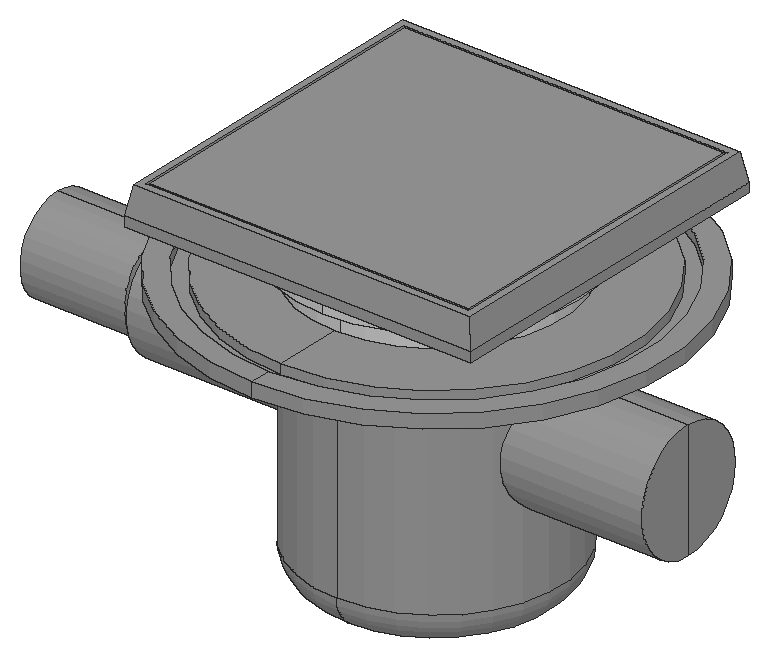
Revit family "HL_Трап для внутренних помещений_HL300G", category Instalační zařizovací předměty, Revit 2016
Family settings
  Typ součásti = Normální
  Kóta kulaté spojky = Použít průměr
  Číslo OmniClass = 23.70.50.21.24.14
  Nadpis OmniClass = Deck Waste Water Drains
  Založené na pracovní rovině = Ne
  Vždy vertikální = Ano
  Ořezat dutým tvarem při načtení = Ne
  Sdílené = Ano
  Bod výpočtu místnosti = Ano
Parameters (values of type "HL300G")
  РЕШЁТКА = "137x137mm / GJL"
  РАЗМЕР = "DN50"
  ПРОПУСКНАЯ СПОСОБНОСТЬ = 0.5 L/s
  ПРОИЗВОДИТЕЛЬНОСТЬ = "0,5 l/sec"
  ПРИЁМНОЕ ОТВЕРСТИЕ = "DN40/50"
  ПРАВОВАЯ ИНФОРМАЦИЯ = "Авторские права(©), права на дизайн или какие либо другие права интелектуальной собственности являются исключительной собственностью компании HL Hutterer & Lechner. Изменению не подлежит. Файл семейства с данными о прозводителе изделия защищен паролем с водяным знаком."  # constant formula
  НОМИНАЛЬНЫЙ ДИАМЕТР ПРИТОКА = 40 mm
  НОМИНАЛЬНЫЙ ДИАМЕТР = 50 mm
  НАСАДКА = "35-75mm / 150x150mm / GJL"
  МАТЕРИАЛ = "PE"
  МАКСИМАЛЬНАЯ НАГРУЗКА КЛАССА = "A/L15 - 1,5 t"
  ВЫСОТА МОНТАЖА = "158 mm"
  ВЕС = "2,5 [kg]"
  Připojení ventilace = no
  Výrobce = "HL Hutterer & Lechner GmbH"  # constant formula
  URL = "http://www.hutterer-lechner.com/ru/products/catalog/floor-drains/attachments/HL300g.aspx"
  Připojení odpadu = yes
  IN_test [instance] = 30 mm
  Připojení HW = no
  Popis = "Трапы для внутренних помещений"
  Model = "HL300G"
  Komentáře k typům = "HL300G Трап для внутренних помещений DN50 горизонтальный с дополнительным отверстием DN40/50, 150х150мм/137х137мм чугун"
  Keynote = "HL300G"
  Высота монтажа [instance] = 158 mm
  EAN = "9003076000531"
  Připojení CW = no
  C [instance] = if(НОМИНАЛЬНЫЙ ДИАМЕТР ПРИТОКА = 40 mm, 164 mm, 114 mm)  # 164 mm
  B [instance] = Высота монтажа - 71.3 mm  # 86.7 mm
  A [instance] = if(B - 100 mm > 15 mm, B - 100 mm, 15 mm)  # 15 mm
Reference planes
  plane 1 "Center (Front/Back)": y = 0
  plane 2: z = 0
  plane 3 "Center (Left/Right)": x = 0
  plane 4 "Ball Joint Vertical": x = 25.45
  plane 5: z = -158
  plane 6: z = -86.7
  plane 7: z = -200
Lines and regions (mm)
  model lines, style "InvisibleLines"
    curve 1: line (0, 0, 0) -> (0, 0, 1000)
  reference lines
    curve 2: line (0, 0, -86.7) -> (109, 0, -86.7)
    curve 22: line (0, 0, -86.7) -> (-164, 0, -86.7)
  model lines, detail levels coarse+medium
    curve 3: line (0, 0, -86.7) -> (0, 0, -71.7)
    curve 4: line (0, 0, -71.7) -> (71.7, 0, 0)
    curve 5: line (0, 0, -71.7) -> (-71.7, 0, 0)
    curve 24: line (-164, 0, -86.7) -> (109, 0, -86.7)
  symbolic lines, detail levels coarse+medium
    curve 6: line (-75, 75, 0) -> (75, 75, 0)
    curve 7: line (-75, -75, 0) -> (-75, 75, 0)
    curve 8: line (75, -75, 0) -> (-75, -75, 0)
    curve 9: line (75, 75, 0) -> (75, -75, 0)
    curve 10: line (75, 75, 0) -> (145.711, 145.711, 0)
    curve 11: line (75, -75, 0) -> (145.711, -145.711, 0)
    curve 12: line (-75, 75, 0) -> (-145.711, 145.711, 0)
    curve 13: line (-75, -75, 0) -> (-145.711, -145.711, 0)
  symbolic lines, not visible, detail levels coarse+medium
    curve 14: line (-75, 75, 0) -> (75, 75, 0)
    curve 15: line (-75, -75, 0) -> (-75, 75, 0)
    curve 16: line (75, -75, 0) -> (-75, -75, 0)
    curve 17: line (75, 75, 0) -> (75, -75, 0)
    curve 18: line (75, 75, 0) -> (145.711, 145.711, 0)
    curve 19: line (75, -75, 0) -> (145.711, -145.711, 0)
    curve 20: line (-75, 75, 0) -> (-145.711, 145.711, 0)
    curve 21: line (-75, -75, 0) -> (-145.711, -145.711, 0)
  symbolic lines, style "InvisibleLines", not visible
    curve 23: line (0, 0, 0) -> (0, 0, -30)
Text (mm)
  text "ПОЛ" at (-222.604, 0, -7.843), in view "Drain Construction View"
Dimensions and locks
  locked: plane 4 "Ball Joint Vertical" to plane 3 "Center (Left/Right)" at 25.45
  "Высота монтажа": plane 2 to plane 5
  "A": curve 5 to plane 6
  "B": curve 5 to plane 6
  "B": curve 4 to plane 6
  "B": plane 2 to plane 6
  locked: nested 2 to plane 5 at 20.9
  "IN_test": plane 2 to curve 23
  "C": plane 3 "Center (Left/Right)" to curve 22
  locked: curve 22 to curve 24
  curve 2 to curve 24 = 0 mm
  locked: nested 1 to plane 5 at 119
  locked: curve 4 to plane 3 "Center (Left/Right)" (angle 45.00°)
  locked: plane 3 "Center (Left/Right)" to curve 5 (angle 45.00°)
  aligned and locked: level to plane 2
  aligned and locked: plane 2 to curve 1
  aligned and locked: plane 3 "Center (Left/Right)" to curve 1
  aligned and locked: plane 3 "Center (Left/Right)" to curve 2
  aligned and locked: plane 3 "Center (Left/Right)" to curve 3
  aligned and locked: plane 3 "Center (Left/Right)" to curve 5
Automatic sketch dimensions
  level to curve 1 = 1000 mm
  curve 2 to plane 6 = 0 mm
  plane 4 "Ball Joint Vertical" to curve 2 = 83.55 mm
Nested families
  nested 1: "HL_Корпус для трапа внутренних помещений_HL300K" at (0, 0, -39) x (-1, 0, 0) z (0, 0, 1), НОМИНАЛЬНЫЙ ДИАМЕТР ПРИТОКА <- "НОМИНАЛЬНЫЙ ДИАМЕТР ПРИТОКА", type "HL300K_Main Component"
    with НОМИНАЛЬНЫЙ ДИАМЕТР ПРИТОКА 40 mm, A 0 mm
  nested 2: "HL_Вкладыш сифона_HL0300.6E" at (0, 0, -47.1) x (0, 1, 0) z (0, 0, 1), type "HL0300.6E_Main Component"
  nested 3: "HL_Решётка_HL037G.1E" at (0, 0, 0), type "HL037G.1E_Main Component"
  nested 4: "HL_Насадная деталь_HL037G.2E" at (0, 0, 0), type "HL037G.2E_Main Component"
    with Высота монтажа 30 mm, RN 2, RL 13 mm, R no, NL_Test yes, NL 50 mm
Connectors
  piping at (109, 0, -86.7), diameter 50, driven by "ПРОПУСКНАЯ СПОСОБНОСТЬ", driven by "НОМИНАЛЬНЫЙ ДИАМЕТР"
    settings: on curve 2, index 1, connector inside diameter 609.6 mm, connector length 0 mm, flow factor 0, pipe flow 0.5 L/s, pressure drop 0.0 Pa, fitting loss kfactor 0, connector angle 0.00°, fixture units 0, engagement length 0 mm, angle of deflection 0.00°, flow configuration 1, flow direction 2, fitting loss method 0, system type 16, joint type 0, gender type 0, connector reference index 2, connector utility 0, adjustable connector yes, is connector primary yes, connector description ""
  piping at (-164, 0, -86.7), diameter 40, driven by "ПРОПУСКНАЯ СПОСОБНОСТЬ", driven by "НОМИНАЛЬНЫЙ ДИАМЕТР ПРИТОКА"
    settings: on curve 22, index 2, connector inside diameter 609.6 mm, connector length 0 mm, flow factor 1, pipe flow 0.5 L/s, pressure drop 0.0 Pa, fitting loss kfactor 0, connector angle 0.00°, fixture units 0, engagement length 0 mm, angle of deflection 0.00°, flow configuration 2, flow direction 1, fitting loss method 0, system type 16, joint type 0, gender type 0, connector reference index 1, connector utility 0, adjustable connector yes, is connector primary no, connector description ""
Definition of nested family "HL_Корпус для трапа внутренних помещений_HL300K"
  Parameters (values of type "HL300K")
    РАЗМЕР = "DN50"
    ПРИЁМНОЕ ОТВЕРСТИЕ = "DN40/50"
    ПРАВОВАЯ ИНФОРМАЦИЯ = "Авторские права(©), права на дизайн или какие либо другие права интелектуальной собственности являются исключительной собственностью компании HL Hutterer & Lechner. Изменению не подлежит. Файл семейства с данными о прозводителе изделия защищен паролем с водяным знаком."  # constant formula
    НОМИНАЛЬНЫЙ ДИАМЕТР ПРИТОКА [instance] = 40 mm
    МАТЕРИАЛ = "PE"
    ВЫСОТА МОНТАЖА = "123 mm"
    ВЕС = "0,463 [kg]"
    Waste Connection = yes
    Vent Connection = no
    Manufacturer = "HL Hutterer & Lechner GmbH"  # constant formula
    URL = "http://www.hutterer-lechner.com/ru/products/catalog/floor-drains/attachments/HL300k.aspx"
    HW Connection = no
    Description = "Трапы для внутренних помещений - Комплектующие"
    Model = "HL300K"
    Type Comments = "HL300K Корпус трапа для внутренних помещений DN50 горизонтальный с отверстием DN40/50."
    Keynote = "HL300K"
    EAN = "9003076001675"
    CW Connection = no
    A [instance] = if(НОМИНАЛЬНЫЙ ДИАМЕТР ПРИТОКА = 40 mm, 0 mm, if(НОМИНАЛЬНЫЙ ДИАМЕТР ПРИТОКА = 50 mm, 50 mm, -10 mm))  # 0 mm
  Reference planes
    plane 1 "Center (Front/Back)": y = 0
    plane 2: z = 0
    plane 3 "Center (Left/Right)": x = 0
    plane 4 "Ball Joint Vertical": x = 25.45
  Forms (mm)
    Revolve 1, solid, detail levels fine
      sketch origin (0, 0, 0) x (0, 1, 0) y (0, 0, 1)
        loop
          line (100, -6) -> (100, 0) -> (90.5, 0) -> (90.5, -4) -> (84, -4) -> (84, 0) -> (55, 0) -> (55, -14.411) -> (41, -14.411) -> (41, -10.836) -> (39, -10.836) -> (39, -22.336) -> (34.5, -22.336) -> (34.5, -24.336) -> (42, -24.336) -> (42, -21.276) -> (50.5, -21.276) -> (51.5, -20.276) -> (51.5, -16.776) -> (56.5, -16.776)
          arc (56.5, -16.776) -> (57.207, -16.483) -> (57.5, -15.776) r 1
          line (57.5, -15.776) -> (58.208, -6) -> (58.208, -18.488) -> (60.5, -18.488) -> (60.5, -21.988) -> (51.804, -21.988) -> (51, -24.988) -> (51, -103.988)
          arc (51, -103.988) -> (47.485, -112.473) -> (39, -115.988) r 12
          line (39, -115.988) -> (0, -115.988) -> (0, -118.988) -> (39, -118.988)
          arc (39, -118.988) -> (49.607, -114.595) -> (54, -103.988) r 15
          line (54, -103.988) -> (54, -25.988) -> (63.5, -25.988) -> (63.5, -6) -> (100, -6)
        axis (0, 0) -> (0, -118.988)
      angle from 0 to 360
    Revolve 2, solid, detail levels fine
      sketch origin (0, 0, 0) x (1, 0, 0) y (0, 0, 1)
        loop
          line (42.757, -72.853) -> (114, -72.853) -> (118.865, -67.988) -> (164, -67.988) -> (164, -47.673) -> (42.757, -47.673) -> (42.757, -72.853)
        axis (164, -47.673) -> (42.757, -47.673)
      angle from 0 to 360
    Revolve 3, solid, detail levels fine
      sketch origin (0, 0, 0) x (1, 0, 0) y (0, 0, 1)
        loop
          line (-109, -47.595) -> (-109, -72.988) -> (-39, -72.988) -> (-39, -47.595) -> (-109, -47.595)
        axis (-109, -47.595) -> (-39, -47.595)
      angle from 0 to 360
    Revolve 4, void
      sketch origin (0, 0, -150) x (1, 0, 0) y (0, 0, 1)
        loop
          line (51, 125.012) -> (51.804, 128.012) -> (42.357, 128.012) -> (42.357, 125.344) -> (0, 125.344) -> (0, 45.344) -> (51, 45.344) -> (51, 125.012)
        axis (0, 45.344) -> (0, 128.012)
      angle from 0 to 360
    Extrusion 5, void
      sketch origin (164, 0, -47.673) x (0, 0, 1) y (0, 1, 0)
        loop
          line (29.185, 37.24) -> (-30.815, 37.24) -> (-30.815, -37.76) -> (29.185, -37.76) -> (29.185, 37.24)
      from -10 to 0 <- "A"
  Cuts and joins
    Revolve 4, Extrusion 5 cuts Revolve 2
    joined: Revolve 1, Revolve 2
    Revolve 4 cuts Revolve 3
  Text (mm)
    text "ROOF/FLOOR" at (-213.15, 0, -13.934), in view "Drain Construction View"
  Dimensions and locks
    locked: plane 4 "Ball Joint Vertical" to plane 3 "Center (Left/Right)" at 25.45
    aligned and locked: level to plane 2
    aligned and locked: Revolve 3 sketch curve to Revolve 3 sketch curve
Definition of nested family "HL_Вкладыш сифона_HL0300.6E"
  Parameters (values of type "HL0300.6E")
    ПРАВОВАЯ ИНФОРМАЦИЯ = "Авторские права(©), права на дизайн или какие либо другие права интелектуальной собственности являются исключительной собственностью компании HL Hutterer & Lechner. Изменению не подлежит. Файл семейства с данными о прозводителе изделия защищен паролем с водяным знаком."  # constant formula
    ВЕС = "0,06 [kg]"
    Waste Connection = no
    Vent Connection = no
    Manufacturer = "HL Hutterer & Lechner GmbH"  # constant formula
    URL = "http://www.hutterer-lechner.com/ru/products/catalog/floor-drains/attachments/HL0300.6e.aspx"
    HW Connection = no
    Description = "Трапы для внутренних помещений - Комплектующие"
    Model = "HL0300.6E"
    Type Comments = "HL0300.6E Вкладыш запахозапирающий комплектный"
    Keynote = "HL0300.6E"
    EAN = "9003076001224"
    CW Connection = no
  Reference planes
    plane 1 "Center (Front/Back)": y = 0
    plane 2: z = 0
    plane 3 "Center (Left/Right)": x = 0
    plane 4 "Ball Joint Vertical": x = 25.45
  Forms (mm)
    Revolve 1, solid, detail levels fine
      sketch origin (0, 0, 0) x (0, 1, 0) y (0, 0, 1)
        loop
          line (34.779, -11) -> (32.485, -11) -> (32.485, -90) -> (34.779, -90) -> (34.779, -11)
        axis (0, -11) -> (0, -90)
      angle from 0 to 360
    Revolve 2, solid, detail levels fine
      sketch origin (0, 0, 0) x (0, 1, 0) y (0, 0, 1)
        loop
          line (38.4, 0) -> (22.7, -0.841) -> (22.7, -3.345) -> (34, -2.729) -> (34, -7) -> (32.485, -7) -> (32.485, -11) -> (38.4, -11) -> (38.4, 0)
        axis (0, 0) -> (0, -11)
      angle from 0 to 360
    Revolve 3, solid, detail levels fine
      sketch origin (0, 0, 0) x (0, 1, 0) y (0, 0, 1)
        loop
          line (22.9, -67) -> (24.48, -67) -> (24.48, -45.01)
          arc (24.48, -45.01) -> (17.215, -28.215) -> (0, -22.01) r 23.045
          line (0, -22.01) -> (0, -23.606)
          arc (0, -23.606) -> (16.161, -29.985) -> (22.9, -46) r 22.4
          line (22.9, -46) -> (22.9, -67)
        axis (0, -22.01) -> (0, -67)
      angle from 0 to 360
    Extrusion 4, solid, detail levels fine
      sketch origin (0, 0, 0) x (1, 0, 0) y (0, 1, 0)
        loop
          line (29.77, 13) -> (-29.77, 13)
          arc (-29.77, 13) -> (-32.485, 0) -> (-29.77, -13) r 32.485
          line (-29.77, -13) -> (29.77, -13)
          arc (29.77, -13) -> (32.485, 0) -> (29.77, 13) r 32.485
      from -86 to -90
    Extrusion 5, solid, detail levels fine
      sketch origin (0, 0, 0) x (1, 0, 0) y (0, 1, 0)
        loop
          line (-29, 11) -> (29, 11) -> (29, 13) -> (-29, 13) -> (-29, 11)
        loop
          line (-29, -11) -> (-29, -13) -> (29, -13) -> (29, -11) -> (-29, -11)
      from -90 to -94
  Cuts and joins
    joined: Revolve 1, Extrusion 4, Extrusion 5
  Text (mm)
    text "ROOF/FLOOR" at (-198.233, 0, -26.556), in view "Drain Construction View"
  Dimensions and locks
    locked: plane 4 "Ball Joint Vertical" to plane 3 "Center (Left/Right)" at 25.45
    aligned and locked: level to plane 2
Definition of nested family "HL_Решётка_HL037G.1E"
  Parameters (values of type "HL037G.1E")
    РАЗМЕР = "137x137mm"
    ПРАВОВАЯ ИНФОРМАЦИЯ = "Авторские права(©), права на дизайн или какие либо другие права интелектуальной собственности являются исключительной собственностью компании HL Hutterer & Lechner. Изменению не подлежит. Файл семейства с данными о прозводителе изделия защищен паролем с водяным знаком."  # constant formula
    МАТЕРИАЛ = "Gusseisen"
    МАКСИМАЛЬНАЯ НАГРУЗКА КЛАССА = "A/L15 - 1,5 t"
    ВЕС = "0,91 [kg]"
    Waste Connection = yes
    Vent Connection = no
    Manufacturer = "HL Hutterer & Lechner GmbH"  # constant formula
    URL = "http://www.hutterer-lechner.com/ru/Products/catalog/floor-drains/attachments/HL037G.1E.aspx"
    HW Connection = no
    Description = "Трапы для внутренних помещений - Комплектующие"
    Model = "HL037G.1E"
    Type Comments = "HL037G.1E Чугунные решетки для сливных отверстий 137х137мм"
    Keynote = "HL037G.1E"
    EAN = "9003076009046"
    CW Connection = no
  Reference planes
    plane 1 "Center (Front/Back)": y = 0
    plane 2: z = 0
    plane 3 "Center (Left/Right)": x = 0
    plane 4 "Ball Joint Vertical": x = 25.45
  Forms (mm)
    Extrusion 1, solid, detail levels fine
      sketch origin (0, 0, 0) x (1, 0, 0) y (0, 1, 0)
        loop
          line (-69, 69) -> (-69, -69) -> (69, -69) -> (69, 69) -> (-69, 69)
      from 0 to -8
  Lines and regions (mm)
    model lines, detail levels fine
      curve 1: line (-8.15, 4.25, 0) -> (-8.15, -4.25, 0)
      curve 2: line (-6.4, 1.625, 0) -> (-6.4, 4.25, 0)
      curve 3: line (-2.65, 0.875, 0) -> (-5.65, 0.875, 0)
      curve 4: line (-5.65, -0.875, 0) -> (-2.65, -0.875, 0)
      curve 5: line (-6.4, -4.25, 0) -> (-6.4, -1.625, 0)
      curve 6: line (-0.15, -4.25, 0) -> (-0.15, 4.25, 0)
      curve 7: line (1.65, 4.25, 0) -> (1.65, -4.25, 0)
      curve 8: line (3.4, -2.5, 0) -> (3.4, 4.25, 0)
      curve 9: line (7.4, -3.25, 0) -> (4.15, -3.25, 0)
      curve 10: line (2.4, -5, 0) -> (7.4, -5, 0)
      curve 11: arc (-8.15, -4.25, 0) -> (-7.275, -5.125, 0) -> (-6.4, -4.25, 0) r 0.875
      curve 12: arc (-8.15, 4.25, 0) -> (-7.275, 5.125, 0) -> (-6.4, 4.25, 0) r 0.875
      curve 13: arc (-6.4, 1.625, 0) -> (-6.18, 1.095, 0) -> (-5.65, 0.875, 0) r 0.75
      curve 14: arc (-5.65, -0.875, 0) -> (-6.18, -1.095, 0) -> (-6.4, -1.625, 0) r 0.75
      curve 15: arc (-2.65, -0.875, 0) -> (-2.12, -1.095, 0) -> (-1.9, -1.625, 0) r 0.75
      curve 16: arc (-2.65, 0.875, 0) -> (-2.12, 1.095, 0) -> (-1.9, 1.625, 0) r 0.75
      curve 17: arc (-1.9, 4.25, 0) -> (-1.025, 5.125, 0) -> (-0.15, 4.25, 0) r 0.875
      curve 18: arc (1.65, 4.25, 0) -> (2.525, 5.125, 0) -> (3.4, 4.25, 0) r 0.875
      curve 19: arc (7.4, -3.25, 0) -> (8.275, -4.125, 0) -> (7.4, -5, 0) r 0.875
      curve 20: arc (4.15, -3.25, 0) -> (3.62, -3.03, 0) -> (3.4, -2.5, 0) r 0.75
      curve 21: arc (1.65, -4.25, 0) -> (1.87, -4.78, 0) -> (2.4, -5, 0) r 0.75
      curve 22: arc (-1.9, -4.25, 0) -> (-1.025, -5.125, 0) -> (-0.15, -4.25, 0) r 0.875
      curve 23: line (-1.9, -1.625, 0) -> (-1.9, -4.25, 0)
      curve 24: line (-1.9, 1.625, 0) -> (-1.9, 4.25, 0)
      curve 25: line (-10.607, 16.263, 0) -> (-28.989, 34.646, 0)
      curve 26: line (-34.646, 28.989, 0) -> (-16.263, 10.607, 0)
      curve 27: line (-21.211, 38.181, 0) -> (-12.021, 28.991, 0)
      curve 28: line (-6.364, 34.648, 0) -> (-15.554, 43.838, 0)
      curve 29: line (-28.991, 12.021, 0) -> (-38.181, 21.211, 0)
      curve 30: line (-43.838, 15.554, 0) -> (-34.648, 6.364, 0)
      curve 31: arc (-43.838, 15.554, 0) -> (-43.838, 21.211, 0) -> (-38.181, 21.211, 0) r 4
      curve 32: arc (-28.991, 12.021, 0) -> (-28.991, 6.364, 0) -> (-34.648, 6.364, 0) r 4
      curve 33: arc (-34.646, 28.989, 0) -> (-34.646, 34.646, 0) -> (-28.989, 34.646, 0) r 4
      curve 34: arc (-16.263, 10.607, 0) -> (-10.607, 10.607, 0) -> (-10.607, 16.263, 0) r 4
      curve 35: arc (-12.021, 28.991, 0) -> (-6.364, 28.991, 0) -> (-6.364, 34.648, 0) r 4
      curve 36: arc (-21.211, 38.181, 0) -> (-21.211, 43.838, 0) -> (-15.554, 43.838, 0) r 4
      curve 37: line (16.263, 10.607, 0) -> (34.646, 28.989, 0)
      curve 38: line (28.989, 34.646, 0) -> (10.607, 16.263, 0)
      curve 39: line (38.181, 21.211, 0) -> (28.991, 12.021, 0)
      curve 40: line (34.648, 6.364, 0) -> (43.838, 15.554, 0)
      curve 41: line (12.021, 28.991, 0) -> (21.211, 38.181, 0)
      curve 42: line (15.554, 43.838, 0) -> (6.364, 34.648, 0)
      curve 43: arc (15.554, 43.838, 0) -> (21.211, 43.838, 0) -> (21.211, 38.181, 0) r 4
      curve 44: arc (12.021, 28.991, 0) -> (6.364, 28.991, 0) -> (6.364, 34.648, 0) r 4
      curve 45: arc (28.989, 34.646, 0) -> (34.646, 34.646, 0) -> (34.646, 28.989, 0) r 4
      curve 46: arc (10.607, 16.263, 0) -> (10.607, 10.607, 0) -> (16.263, 10.607, 0) r 4
      curve 47: arc (28.991, 12.021, 0) -> (28.991, 6.364, 0) -> (34.648, 6.364, 0) r 4
      curve 48: arc (38.181, 21.211, 0) -> (43.838, 21.211, 0) -> (43.838, 15.554, 0) r 4
      curve 49: line (-10.607, -16.263, 0) -> (-28.989, -34.646, 0)
      curve 50: line (-34.646, -28.989, 0) -> (-16.263, -10.607, 0)
      curve 51: line (-21.211, -38.181, 0) -> (-12.021, -28.991, 0)
      curve 52: line (-6.364, -34.648, 0) -> (-15.554, -43.838, 0)
      curve 53: line (-28.991, -12.021, 0) -> (-38.181, -21.211, 0)
      curve 54: line (-43.838, -15.554, 0) -> (-34.648, -6.364, 0)
      curve 55: arc (-43.838, -15.554, 0) -> (-43.838, -21.211, 0) -> (-38.181, -21.211, 0) r 4
      curve 56: arc (-28.991, -12.021, 0) -> (-28.991, -6.364, 0) -> (-34.648, -6.364, 0) r 4
      curve 57: arc (-34.646, -28.989, 0) -> (-34.646, -34.646, 0) -> (-28.989, -34.646, 0) r 4
      curve 58: arc (-16.263, -10.607, 0) -> (-10.607, -10.607, 0) -> (-10.607, -16.263, 0) r 4
      curve 59: arc (-12.021, -28.991, 0) -> (-6.364, -28.991, 0) -> (-6.364, -34.648, 0) r 4
      curve 60: arc (-21.211, -38.181, 0) -> (-21.211, -43.838, 0) -> (-15.554, -43.838, 0) r 4
      curve 61: line (16.263, -10.607, 0) -> (34.646, -28.989, 0)
      curve 62: line (28.989, -34.646, 0) -> (10.607, -16.263, 0)
      curve 63: line (38.181, -21.211, 0) -> (28.991, -12.021, 0)
      curve 64: line (34.648, -6.364, 0) -> (43.838, -15.554, 0)
      curve 65: line (12.021, -28.991, 0) -> (21.211, -38.181, 0)
      curve 66: line (15.554, -43.838, 0) -> (6.364, -34.648, 0)
      curve 67: arc (15.554, -43.838, 0) -> (21.211, -43.838, 0) -> (21.211, -38.181, 0) r 4
      curve 68: arc (12.021, -28.991, 0) -> (6.364, -28.991, 0) -> (6.364, -34.648, 0) r 4
      curve 69: arc (28.989, -34.646, 0) -> (34.646, -34.646, 0) -> (34.646, -28.989, 0) r 4
      curve 70: arc (10.607, -16.263, 0) -> (10.607, -10.607, 0) -> (16.263, -10.607, 0) r 4
      curve 71: arc (28.991, -12.021, 0) -> (28.991, -6.364, 0) -> (34.648, -6.364, 0) r 4
      curve 72: arc (38.181, -21.211, 0) -> (43.838, -21.211, 0) -> (43.838, -15.554, 0) r 4
    model lines
      curve 73: line (0, 0, 0) -> (0, 0, 100)
  Text (mm)
    text "ROOF/FLOOR" at (-198.233, 0, -26.556), in view "Drain Construction View"
  Dimensions and locks
    locked: plane 4 "Ball Joint Vertical" to plane 3 "Center (Left/Right)" at 25.45
    aligned and locked: level to plane 2
Definition of nested family "HL_Насадная деталь_HL037G.2E"
  Parameters (values of type "HL037G.2E")
    РАЗМЕР = "d 110 mm"
    ПРАВОВАЯ ИНФОРМАЦИЯ = "Авторские права(©), права на дизайн или какие либо другие права интелектуальной собственности являются исключительной собственностью компании HL Hutterer & Lechner. Изменению не подлежит. Файл семейства с данными о прозводителе изделия защищен паролем с водяным знаком."  # constant formula
    НАСАДКА = "150x150mm"
    МАКСИМАЛЬНАЯ НАГРУЗКА КЛАССА = "A/L15 - 1,5 t"
    Высота монтажа [instance] = 75 mm
    ВЕС = "2,03 [kg]"
    Waste Connection = yes
    Vent Connection = no
    RD = 6.5 mm  # constant formula
    R [instance] = ((Высота монтажа - NL_Min) / RD - 1) > 2  # yes
    RL [instance] = RD * RN  # 58.5 mm
    NL_Test [instance] = and(or(Высота монтажа < NL_Max, Высота монтажа = NL_Max), or(Высота монтажа > NL_Min, Высота монтажа = NL_Min))  # yes
    NL_Min = 30 mm
    NL_Max = 95 mm
    NL [instance] = if(NL_Test, Высота монтажа + 20 mm, 0 mm)  # 95 mm
    RN [instance] = if((Высота монтажа + 20 mm - NL_Min) / RD - 1 < 2, 2, (Высота монтажа + 20 mm - NL_Min) / RD - 1)  # 9
    Manufacturer = "HL Hutterer & Lechner GmbH"  # constant formula
    URL = "http://www.hutterer-lechner.com/ru/Products/catalog/floor-drains/attachments/HL037G.2E.aspx"
    HW Connection = no
    Description = "Трапы для внутренних помещений - Комплектующие"
    Model = "HL037G.2E"
    Type Comments = "HL037G.2E Подрамники d 110 мм из чугуна 150х150 мм"
    Keynote = "HL037G.2E"
    EAN = "9003076025404"
    CW Connection = no
  Reference planes
    plane 1 "Center (Front/Back)": y = 0
    plane 2: z = 0
    plane 3 "Center (Left/Right)": x = 0
    plane 4 "Ball Joint Vertical": x = 25.45
    plane 5: z = -95
  Forms (mm)
    Extrusion 1, solid, detail levels fine
      sketch origin (0, 0, 0) x (1, 0, 0) y (0, 1, 0)
        loop
          line (-75, 75) -> (-75, -75) -> (75, -75) -> (75, 75) -> (-75, 75)
        loop
          circle (0, 0) r 50.15
      from -12 to -16
    Sweep 2, solid, detail levels fine
      path in 3D
        loop
          line (-75, 75, -12) -> (-75, -75, -12) -> (75, -75, -12) -> (75, 75, -12) -> (-75, 75, -12)
      profile origin (0, 75, -12) x (0, -1, 0) y (0, 0, 1)
        loop
          line (2.116, 12) -> (0, 0) -> (15, 0) -> (15, 4) -> (5, 4) -> (5, 12) -> (2.116, 12)
    Extrusion 3, solid, detail levels fine
      sketch origin (0, 0, 0) x (1, 0, 0) y (0, 1, 0)
        loop
          line (-60, 60) -> (-60, -60) -> (60, -60) -> (60, 60) -> (-60, 60)
        loop
          circle (0, 0) r 50.5
      from -8 to -12
    Revolve 4, solid, detail levels fine
      sketch origin (0, 0, 0) x (0, 1, 0) y (0, 0, 1)
        loop
          line (64.5, -16) -> (62.224, -16) -> (59.8, -18.424) -> (59.8, -27.8) -> (50.15, -27.8) -> (50.15, -29.5) -> (50.15, -95) -> (51.85, -95) -> (51.85, -29.5) -> (61.5, -29.5) -> (61.5, -19) -> (64.5, -16)
        axis (0, -16) -> (0, -95)
      angle from 0 to 360
  Cuts and joins
    joined: Extrusion 1, Sweep 2, Extrusion 3
  Lines and regions (mm)
    symbolic lines
      curve 1: line (0, 0, -95) -> (0, 0, 0)
    sketch lines
      curve 2: line (75, 75, -12) -> (-75, 75, -12)
      curve 3: line (75, -75, -12) -> (75, 75, -12)
      curve 4: line (-75, -75, -12) -> (75, -75, -12)
      curve 5: line (-75, 75, -12) -> (-75, -75, -12)
  Text (mm)
    text "ROOF/FLOOR" at (-198.233, 0, -26.556), in view "Drain Construction View"
  Dimensions and locks
    locked: plane 4 "Ball Joint Vertical" to plane 3 "Center (Left/Right)" at 25.45
    "NL": plane 2 to plane 5
    equal spacing: group 1, group 3, group 4, group 5, group 6, group 7, group 8, group 9, group 2  (x3)
    "RL": nested 2 to nested 1
    locked: nested 1 to plane 5 at 1.516
    aligned and locked: level to plane 2
    aligned and locked: plane 3 "Center (Left/Right)" to nested 1
    aligned and locked: plane 1 "Center (Front/Back)" to nested 1
    aligned and locked: plane 2 to curve 1
    aligned and locked: plane 5 to curve 1
    aligned and locked: plane 5 to Revolve 4
  Automatic sketch dimensions
    curve 1 to plane 4 "Ball Joint Vertical" = 25.45 mm
    Extrusion 1 sketch curve to Extrusion 1 sketch curve = 0 mm  (x2)
    plane 1 "Center (Front/Back)" to Extrusion 1 sketch curve = 0 mm
    Extrusion 1 sketch curve to plane 3 "Center (Left/Right)" = 0 mm
    Extrusion 1 sketch curve to plane 3 "Center (Left/Right)" = 75 mm
    plane 4 "Ball Joint Vertical" to Extrusion 1 sketch curve = 49.55 mm
    plane 1 "Center (Front/Back)" to Extrusion 1 sketch curve = 75 mm
    Extrusion 1 sketch curve to plane 1 "Center (Front/Back)" = 75 mm
    plane 1 "Center (Front/Back)" to Extrusion 1 sketch curve = 5.198 mm
    Extrusion 1 sketch curve to plane 3 "Center (Left/Right)" = 49.88 mm
    Extrusion 1 sketch curve to plane 1 "Center (Front/Back)" = 5.198 mm
    Sweep 2 sketch curve to profile plane = 0 mm  (x2)
    Sweep 2 sketch curve to profile plane = 2.116 mm
    Sweep 2 sketch curve to Sweep 2 sketch curve = 2.884 mm
    profile plane to Sweep 2 sketch curve = 4 mm
    Sweep 2 sketch curve to Sweep 2 sketch curve = 10 mm
    Sweep 2 sketch curve to Sweep 2 sketch curve = 8 mm
    Extrusion 3 sketch curve to Extrusion 3 sketch curve = 0 mm  (x2)
    plane 1 "Center (Front/Back)" to Extrusion 3 sketch curve = 0 mm
    Extrusion 3 sketch curve to plane 3 "Center (Left/Right)" = 0 mm
    Extrusion 3 sketch curve to plane 3 "Center (Left/Right)" = 60 mm
    plane 4 "Ball Joint Vertical" to Extrusion 3 sketch curve = 34.55 mm
    plane 1 "Center (Front/Back)" to Extrusion 3 sketch curve = 60 mm
    Extrusion 3 sketch curve to plane 1 "Center (Front/Back)" = 60 mm
    Extrusion 3 sketch curve to plane 1 "Center (Front/Back)" = 5.234 mm
    Extrusion 3 sketch curve to plane 3 "Center (Left/Right)" = 50.228 mm
    plane 1 "Center (Front/Back)" to Extrusion 3 sketch curve = 5.234 mm
    Revolve 4 sketch curve to plane 1 "Center (Front/Back)" = 0 mm
    Revolve 4 sketch curve to plane 1 "Center (Front/Back)" = 50.15 mm
    Revolve 4 sketch curve to Revolve 4 sketch curve = 1.7 mm  (x3)
    Revolve 4 sketch curve to Revolve 4 sketch curve = 7.95 mm
    Revolve 4 sketch curve to level = 16 mm
    Revolve 4 sketch curve to Revolve 4 sketch curve = 0.724 mm
    Revolve 4 sketch curve to Revolve 4 sketch curve = 2.276 mm
    Revolve 4 sketch curve to Revolve 4 sketch curve = 2.424 mm
    Revolve 4 sketch curve to Revolve 4 sketch curve = 0.576 mm
    Revolve 4 sketch curve to Revolve 4 sketch curve = 9.376 mm
    Revolve 4 sketch curve to Revolve 4 sketch curve = 0 mm
    Revolve 4 sketch curve to plane 5 = 0 mm
    Revolve 4 sketch curve to plane 5 = 60 mm
    level to Revolve 4 sketch curve = 50 mm
  Nested families
    nested 1: "Ring" at (0, 0, -93.484), visible <- "R", type "Ring"
      with R 51.9 mm, D 103.8 mm
    nested 2: "Ring" at (0, 0, -34.984), visible <- "R", type "Ring"
      with R 51.9 mm, D 103.8 mm
    nested 3: "Ring" at (0, 0, -86.171), visible <- "R", type "Ring"
      with R 51.9 mm, D 103.8 mm
    nested 4: "Ring" at (0, 0, -78.859), visible <- "R", type "Ring"
      with R 51.9 mm, D 103.8 mm
    nested 5: "Ring" at (0, 0, -71.546), visible <- "R", type "Ring"
      with R 51.9 mm, D 103.8 mm
    nested 6: "Ring" at (0, 0, -64.234), visible <- "R", type "Ring"
      with R 51.9 mm, D 103.8 mm
    nested 7: "Ring" at (0, 0, -56.921), visible <- "R", type "Ring"
      with R 51.9 mm, D 103.8 mm
    nested 8: "Ring" at (0, 0, -49.609), visible <- "R", type "Ring"
      with R 51.9 mm, D 103.8 mm
    nested 9: "Ring" at (0, 0, -42.296), visible <- "R", type "Ring"
      with R 51.9 mm, D 103.8 mm
  Definition of nested family "Ring"
    Parameters (values of type "Ring")
      Manufacturer = ""
      URL = ""
      R = D / 2  # 51.5 mm
      Description = ""
      Model = ""
      Material = none
      Type Comments = ""
      D = 103 mm
      Cost = 0
    Reference planes
      plane 1 "Střed (vpředu/vzadu)": y = 0
      plane 2: z = 0
      plane 3 "Střed (vlevo/vpravo)": x = 0
    Forms (mm)
      Revolve 1, solid, material <- "Material", detail levels fine
        sketch origin (0, 0, 0) x (1, 0, 0) y (0, 0, 1)
          loop
            line (-51.5, 1.482) -> (-54.764, 0) -> (-51.5, -1.516) -> (-51.5, 1.482)
          axis (0, 1.482) -> (0, -1.516)
        angle from 0 to 360
    Dimensions and locks
      "R": Revolve 1 sketch curve to plane 3 "Střed (vlevo/vpravo)"
      aligned and locked: level to plane 2
      aligned and locked: Revolve 1 sketch curve to plane 3 "Střed (vlevo/vpravo)"
    Automatic sketch dimensions
      Revolve 1 sketch curve to level = 0 mm
      Revolve 1 sketch curve to Revolve 1 sketch curve = 3.264 mm
      Revolve 1 sketch curve to level = 1.516 mm
      level to Revolve 1 sketch curve = 1.482 mm
      Revolve 1 sketch curve to level = 381 mm
      Revolve 1 sketch curve to Revolve 1 sketch curve = 2212.833 mm
